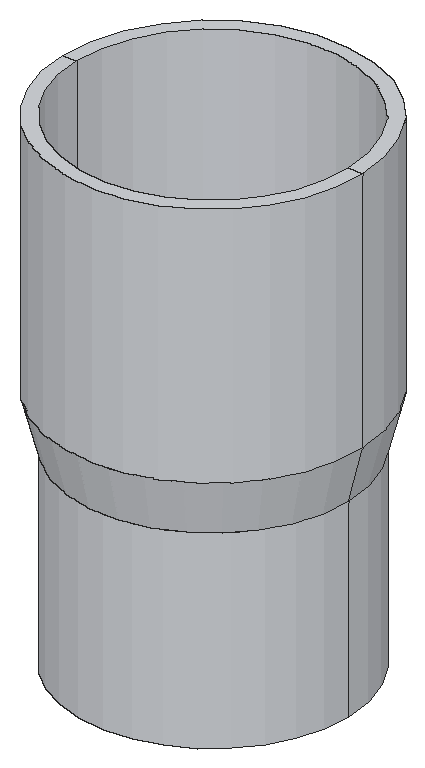
Revit family "FA2B", category Generic Models, Revit 2017
Family settings
  Can host rebar = No
  Round Connector Dimension = Use Diameter
  Part Type = Normal
  Work Plane-Based = Yes
  Always vertical = No
  Cut with Voids When Loaded = No
  Shared = No
  Room Calculation Point = No
Parameters (values of type "NBS Standard Parameters")
  Weight = "0.0286Kg"
  WarrantyStartDate [instance] = "1900-12-31T23:59:59"
  WarrantyGuarantorParts = "n/a"
  WarrantyGuarantorLabor = "n/a"
  WarrantyDurationUnit = "1 year"
  WarrantyDurationParts = "n/a"
  WarrantyDurationLabor = "n/a"
  WarrantyDescription = "n/a"
  Version = "1"
  Uniclass2 = "Pr_65_70_11_20"
  TagNumber [instance] = "n/a"
  SustainabilityPerformance = "n/a"
  Size = "3/4\" (Male)"
  Shape = "Circular"
  SerialNumber [instance] = "n/a"
  Revision = "n/a"
  ReplacementCost = "n/a"
  ProductInformation = "www.metpro.co.uk/pdf/fa2g.pdf"
  NominalWidth = 22 mm
  NominalLength = 22 mm
  NominalHeight = 36 mm
  Name = ""
  NBSTypeID = ""
  NBSReference = "90-55-10/460"
  NBSOfficeMasterTag = ""
  NBSNote = ""
  NBSDescription = "Conduit Fittings"
  NBSCertification = ""
  ModelReference = "FA2B"
  ModelNumber = "n/a"
  Material = "Steel"
  ManufacturerURL = "www.metpro.co.uk"
  ManufacturerName = "Metpro Ltd"
  Keynote = "Compliant to LU Standard 1-085"
  InstallationDate [instance] = "1900-12-31T23:59:59"
  IfcExportType = ""
  IfcExportAs = ""
  Grade = "n/a"
  Finish = "Black"
  Features = "n/a"
  ExpectedLife = "n/a"
  DurationUnit = "year"
  Description = "FA2B  3/4\" (M)  - 20mm (F) Conduit Adaptor"
  Default Elevation = 1219.2 mm
  Constituents = "n/a"
  Color = "n/a"
  CodePerformance = "n/a"
  Category = "n/a"
  BarCode [instance] = "n/a"
  BIMObjectName = "Metpro_Metprolibrary_Conduitfittings_Metalcomponents_Steelaccessories"
  Author = "Metpro Limited"
  AssetType = ""
  AssetIdentifier [instance] = "n/a"
  AccessibilityPerformance = "n/a"
Reference planes
  plane 1 "Center (Front/Back)": y = 0
  plane 2: z = 0
  plane 3 "Center (Left/Right)": x = 0
Forms (mm)
  Revolve 1, solid
    sketch origin (-11.449, -11.97, 26.2) x (0, 0, -1) y (1, 0, 0)
      loop
        line (-13.226, -4.348) -> (-13.226, -5.381) -> (4.782, -5.381) -> (7.899, -6.216) -> (22.789, -6.216) -> (22.789, -5.381) -> (8.636, -5.381) -> (4.782, -4.348) -> (-13.226, -4.348)
      axis (-13.226, -15.381) -> (22.789, -15.381)
    angle from 0 to 360
Dimensions and locks
  aligned and locked: level to plane 2
